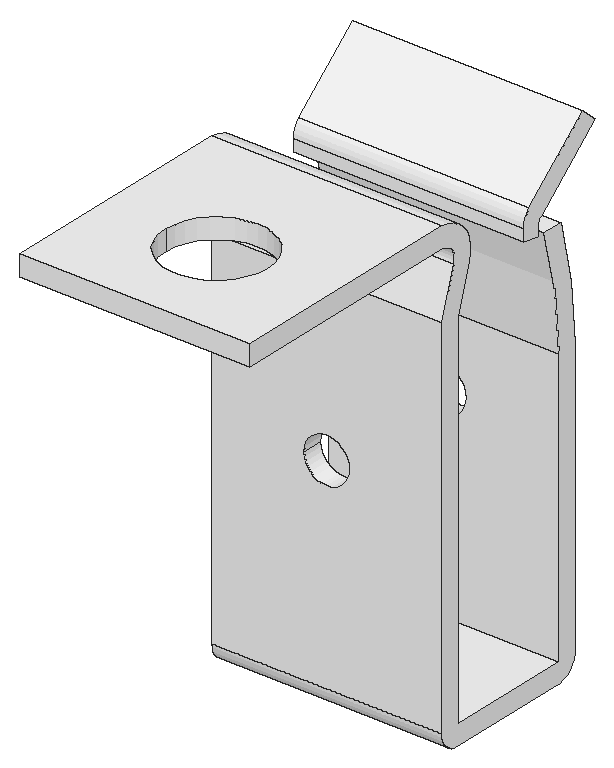
Revit family "hanger_c38channel", category 機械設備, Revit 2022
Family settings
  丸型コネクタ寸法 = 直径を使用
  種別 = なし
  パーツ タイプ = 標準
  作業面ベース = いいえ
  常に垂直 = はい
  ロード時にボイドで切り取り = いいえ
  注釈の向きを維持 = いいえ
  共有 = いいえ
  部屋計算ポイント = いいえ
Parameters
  製造元 = "株式会社桐井製作所"
  既定の高さ = 0 mm
  URL = "https://www.kirii.co.jp/"
  K_材質 = "SGHC　一般用"
  K_品名 = "C-38チャンネル用ハンガー"
  K_名称 = "その他ハンガー"
  K_入数 = "300"
  K_バージョン情報 = "20211012"
  K_めっき付着量 = "Z12"
  K_JIS規格 = "JIS G 3302"
Reference planes
  plane 1 "中心(正面/背面)": y = 0
  plane 2: z = 0
  plane 3 "中心(左/右)": x = 0
  plane 4: x = 11.25
  plane 5: x = -11.25
Forms (mm)
  Extrusion 1, void
    sketch origin (0, -1.432, 0) x (1, 0, 0) y (0, 1, 0)
      loop
        line (-11.25, 12.416) -> (-11.25, 3.282) -> (-5.5, 3.282) -> (-5.5, 12.416) -> (-11.25, 12.416)
      loop
        line (5.5, 12.433) -> (5.5, 3.282) -> (11.25, 3.282) -> (11.25, 12.433) -> (5.5, 12.433)
    from 38.4 to 47.1
  Extrusion 2, void
    sketch origin (0, -2.227, 0) x (1, 0, 0) y (0, 1, 0)
      loop
        circle (0, -19.429) r 5
    from 42.5 to 44.5
  Extrusion 3, solid
    sketch origin (0, 0, -1.6) x (0, 1, 0) y (0, 0, 1)
      loop
        line (6.15, 1.6) -> (-6.15, 1.6) -> (-6.15, 37.293) -> (-4.811, 41.55)
        arc (-4.811, 41.55) -> (-5.328, 44.671) -> (-8.15, 46.1) r 3.5
        line (-8.15, 46.1) -> (-31.65, 46.1) -> (-31.65, 44.1) -> (-8.15, 44.1)
        arc (-8.15, 44.1) -> (-6.941, 43.487) -> (-6.719, 42.15) r 1.5
        line (-6.719, 42.15) -> (-8.15, 37.6) -> (-8.15, 1.6)
        arc (-8.15, 1.6) -> (-7.564, 0.186) -> (-6.15, -0.4) r 2
        line (-6.15, -0.4) -> (5.85, -0.4)
        arc (5.85, -0.4) -> (7.476, 0.274) -> (8.15, 1.9) r 2.3
        line (8.15, 1.9) -> (8.15, 28.6)
        arc (8.15, 28.6) -> (7.403, 35.91) -> (5.502, 43.007) r 45.999
        line (5.502, 43.007) -> (3.87, 41.611)
        arc (3.87, 41.611) -> (5.498, 35.21) -> (6.15, 28.638) r 44
        line (6.15, 28.638) -> (6.15, 1.6)
    from -11.25 to 11.25
  Extrusion 4, solid
    sketch origin (0, 0, 0) x (0, 1, 0) y (0, 0, 1)
      loop
        line (9.096, 47.1) -> (2.468, 41.429)
        arc (2.468, 41.429) -> (2.01, 40.703) -> (1.85, 39.86) r 2.3
        line (1.85, 39.86) -> (1.85, 38.783) -> (3.622, 38.4) -> (3.622, 39.29)
        arc (3.622, 39.29) -> (3.698, 39.702) -> (3.922, 40.056) r 1.101
        line (3.922, 40.056) -> (10.55, 45.727) -> (9.096, 47.1)
    from -11.25 to 11.25
  Extrusion 5, void
    sketch origin (0, 0, 0) x (1, 0, 0) y (0, 1, 0)
      loop
        circle (0, 0.023) r 2.25
    from -2 to 0
  Extrusion 6, void
    sketch origin (0, 0, 0) x (1, 0, 0) y (0, 0, 1)
      loop
        circle (0, 20) r 2.25
    from 6.15 to 8.15
  Extrusion 7, void
    sketch origin (0, 14.3, 0) x (1, 0, 0) y (0, 0, 1)
      loop
        circle (0, 20) r 2.25
    from 6.15 to 8.15
Cuts and joins
  Extrusion 1, Extrusion 2, Extrusion 5, Extrusion 6, Extrusion 7 cuts Extrusion 3
  Extrusion 6, Extrusion 7 cuts Extrusion 4
  joined: Extrusion 3, Extrusion 4
Dimensions and locks
  aligned and locked: level to plane 2
